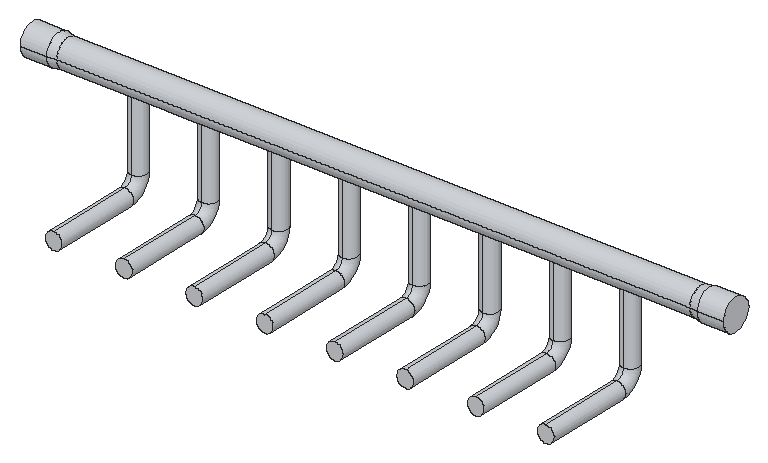
Revit family
Parameters (values of type "69.6kW 이하(8실)")
  URL = "http://www.samsungb12b.co.kr"
  Radius_OutletOD = Radius_Outlet + 0.9 mm  # 5.65 mm
  Radius_Outlet = Diameter_Outlet * 0.5  # 4.75 mm
  Radius_InletOD = Radius_Inlet + 0.9 mm  # 8.85 mm
  Radius_Inlet = Diameter_Inlet * 0.5  # 7.95 mm
  Manufacturer = "SAMSUNG ELECTRONICS CO., LTD."  # constant formula
  Length_W = 60.0 mm
  Length_L = 400.0 mm
  Length_H = 55.6 mm
  EHP-ACC_07 = "AXJ-HA3115*"
  EHP-ACC_06 = "69.6kW 이하 (8실)"
  EHP-ACC_05 = "헤더 분기관 (액관)"
  EHP-ACC_04 = ""
  EHP-ACC_03 = "설치 액세서리"
  EHP-ACC_02 = 1
  EHP-ACC_01 = ""
  Distance_D2 = 40.0 mm
  Distance_D1 = 60.0 mm
  Diameter_Outlet = 9.5 mm
  Diameter_Inlet = 15.9 mm
Types (3, lengths in mm): name | Radius_InletOD | Radius_Inlet | Length_H | EHP-ACC_07 | EHP-ACC_06 | Diameter_Inlet
  (no name) | 8.85 | 7.95 | 55.6 | "AXJ-HA3115*" | "69.6kW 이하 (8실)" | 15.9
  69.6kW 이하(8실) | 8.85 | 7.95 | 55.6 | "AXJ-HA3115*" | "69.6kW 이하 (8실)" | 15.9
  69.6kW 이상 (8실) | 10.45 | 9.55 | 58.8 | "AXJ-HA3819*" | "69.6kW 이상 (8실)" | 19.1
Reference planes
  plane 1 "Center (Front/Back)": y = 0
  plane 2: z = 0
  plane 3 "Center (Left/Right)": x = 0
  plane 4: x = -200
  plane 5: x = 200
  plane 6: y = -60
  plane 7: z = -55.6
  plane 8 "가지관1": x = -140
  plane 9: x = 185.291
  plane 10: x = 180.166
  plane 11: x = -100
  plane 12: x = -60
  plane 13: x = -20
  plane 14: x = 20
  plane 15: x = 60
  plane 16: x = 100
  plane 17: x = 140
  plane 18: x = -185.01
  plane 19: x = -180.059
Forms (mm)
  Sweep 1, solid
    path origin (0, 0, 0) x (1, 0, 0) y (0, 1, 0)
      loop
        line (-200, 0) -> (200, 0)
    profile "Profile_Circle : Profile_Circle_Inlet" origin (0, 0, 0) x (0, 1, 0) y (0, 0, 1)
      loop
        circle (0, 0) r 7.95
  Sweep 2, solid
    path origin (-140, 0, 0) x (0, 1, 0) y (0, 0, 1)
      loop
        line (0, 0) -> (0, -46.1)
        arc (0, -46.1) -> (-2.782, -52.818) -> (-9.5, -55.6) r 9.5
        line (-9.5, -55.6) -> (-60, -55.6)
    profile "Profile_Circle : Profile_Circle_Outlet" origin (-140, 0, -23.05) x (0, 1, 0) y (1, 0, 0)
      loop
        circle (0, 0) r 4.75
  Revolve 3, solid
    sketch origin (0, 0, 0) x (1, 0, 0) y (0, 1, 0)
      loop
        line (200, 0) -> (200, 8.85) -> (185.291, 8.85) -> (180.166, 7.95) -> (180.166, 0) -> (200, 0)
      axis (180.166, 0) -> (200, 0)
    angle from 0 to 360
  Sweep 4, solid
    path origin (-100, 0, 0) x (0, 1, 0) y (0, 0, 1)
      loop
        line (0, 0) -> (0, -46.1)
        arc (0, -46.1) -> (-2.782, -52.818) -> (-9.5, -55.6) r 9.5
        line (-9.5, -55.6) -> (-60, -55.6)
    profile "Profile_Circle : Profile_Circle_Outlet" origin (-100, 0, -23.05) x (0, 1, 0) y (1, 0, 0)
      loop
        circle (0, 0) r 4.75
  Sweep 5, solid
    path origin (-60, 0, 0) x (0, 1, 0) y (0, 0, 1)
      loop
        line (0, 0) -> (0, -46.1)
        arc (0, -46.1) -> (-2.782, -52.818) -> (-9.5, -55.6) r 9.5
        line (-9.5, -55.6) -> (-60, -55.6)
    profile "Profile_Circle : Profile_Circle_Outlet" origin (-60, 0, -23.05) x (0, 1, 0) y (1, 0, 0)
      loop
        circle (0, 0) r 4.75
  Sweep 6, solid
    path origin (-20, 0, 0) x (0, 1, 0) y (0, 0, 1)
      loop
        line (0, 0) -> (0, -46.1)
        arc (0, -46.1) -> (-2.782, -52.818) -> (-9.5, -55.6) r 9.5
        line (-9.5, -55.6) -> (-60, -55.6)
    profile "Profile_Circle : Profile_Circle_Outlet" origin (-20, 0, -23.05) x (0, 1, 0) y (1, 0, 0)
      loop
        circle (0, 0) r 4.75
  Sweep 7, solid
    path origin (20, 0, 0) x (0, 1, 0) y (0, 0, 1)
      loop
        line (0, 0) -> (0, -46.1)
        arc (0, -46.1) -> (-2.782, -52.818) -> (-9.5, -55.6) r 9.5
        line (-9.5, -55.6) -> (-60, -55.6)
    profile "Profile_Circle : Profile_Circle_Outlet" origin (20, 0, -23.05) x (0, 1, 0) y (1, 0, 0)
      loop
        circle (0, 0) r 4.75
  Sweep 8, solid
    path origin (60, 0, 0) x (0, 1, 0) y (0, 0, 1)
      loop
        line (0, 0) -> (0, -46.1)
        arc (0, -46.1) -> (-2.782, -52.818) -> (-9.5, -55.6) r 9.5
        line (-9.5, -55.6) -> (-60, -55.6)
    profile "Profile_Circle : Profile_Circle_Outlet" origin (60, 0, -23.05) x (0, 1, 0) y (1, 0, 0)
      loop
        circle (0, 0) r 4.75
  Sweep 9, solid
    path origin (100, 0, 0) x (0, 1, 0) y (0, 0, 1)
      loop
        line (0, 0) -> (0, -46.1)
        arc (0, -46.1) -> (-2.782, -52.818) -> (-9.5, -55.6) r 9.5
        line (-9.5, -55.6) -> (-60, -55.6)
    profile "Profile_Circle : Profile_Circle_Outlet" origin (100, 0, -23.05) x (0, 1, 0) y (1, 0, 0)
      loop
        circle (0, 0) r 4.75
  Sweep 10, solid
    path origin (140, 0, 0) x (0, 1, 0) y (0, 0, 1)
      loop
        line (0, 0) -> (0, -46.1)
        arc (0, -46.1) -> (-2.782, -52.818) -> (-9.5, -55.6) r 9.5
        line (-9.5, -55.6) -> (-60, -55.6)
    profile "Profile_Circle : Profile_Circle_Outlet" origin (140, 0, -23.05) x (0, 1, 0) y (1, 0, 0)
      loop
        circle (0, 0) r 4.75
  Revolve 11, solid
    sketch origin (0, 0, 0) x (1, 0, 0) y (0, 1, 0)
      loop
        line (-200, 0) -> (-180.059, 0) -> (-180.059, 7.95) -> (-184.854, 8.85) -> (-200, 8.85) -> (-200, 0)
      axis (-200, 0) -> (-180.059, 0)
    angle from 0 to 360
Cuts and joins
  joined: Sweep 1, Sweep 2, Revolve 3, Sweep 4, Sweep 5, Sweep 6, Sweep 7, Sweep 8, Sweep 9, Sweep 10, Revolve 11
Dimensions and locks
  equal spacing: plane 4, plane 3 "Center (Left/Right)", plane 5
  "Length_W": plane 6 to plane 1 "Center (Front/Back)"
  "Length_L": plane 4 to plane 5
  "Length_H": plane 7 to plane 2
  "Length_H": level to plane 7
  "Distance_D1": plane 4 to plane 8 "가지관1"
  "Radius_InletOD": plane 1 "Center (Front/Back)" to Revolve 3 sketch curve
  "Radius_Inlet": plane 1 "Center (Front/Back)" to Revolve 3 sketch curve
  "Radius_InletOD": plane 1 "Center (Front/Back)" to Revolve 11 sketch curve
  "Radius_Inlet": plane 1 "Center (Front/Back)" to Revolve 11 sketch curve
  "Diameter_Outlet": radius of Sweep 2 sketch curve
  "Diameter_Outlet": radius of Sweep 4 sketch curve
  "Diameter_Outlet": radius of Sweep 5 sketch curve
  "Diameter_Outlet": radius of Sweep 6 sketch curve
  "Diameter_Outlet": radius of Sweep 7 sketch curve
  "Diameter_Outlet": radius of Sweep 8 sketch curve
  "Diameter_Outlet": radius of Sweep 9 sketch curve
  "Diameter_Outlet": radius of Sweep 10 sketch curve
  aligned and locked: plane 1 "Center (Front/Back)" to Revolve 3 sketch curve
  aligned and locked: plane 9 to Revolve 3 sketch curve
  aligned and locked: Revolve 3 sketch curve to plane 10
  aligned and locked: plane 5 to Revolve 3 sketch curve
  aligned and locked: Revolve 11 sketch curve to plane 1 "Center (Front/Back)"
  aligned and locked: plane 19 to Revolve 11 sketch curve
Automatic sketch dimensions
  plane 1 "Center (Front/Back)" to Sweep 1 sketch curve = 0.0 mm
  Sweep 1 sketch curve to plane 4 = 0.0 mm
  Sweep 1 sketch curve to plane 5 = 0.0 mm
  Sweep 2 sketch curve to plane 6 = 0.0 mm
  Sweep 2 sketch curve to plane 7 = 0.0 mm
  Sweep 2 sketch curve to plane 1 "Center (Front/Back)" = 0.0 mm
  Sweep 2 sketch curve to level = 0.0 mm
  Revolve 3 sketch curve to plane 5 = 0.0 mm
  plane 1 "Center (Front/Back)" to Revolve 3 sketch curve = 0.0 mm
  plane 17 to Revolve 3 sketch curve = 8.004 mm
  Sweep 4 sketch curve to plane 6 = 0.0 mm
  Sweep 4 sketch curve to plane 7 = 0.0 mm
  Sweep 4 sketch curve to plane 1 "Center (Front/Back)" = 0.0 mm
  Sweep 4 sketch curve to level = 0.0 mm
  Sweep 5 sketch curve to plane 6 = 0.0 mm
  Sweep 5 sketch curve to plane 7 = 0.0 mm
  Sweep 5 sketch curve to plane 1 "Center (Front/Back)" = 0.0 mm
  Sweep 5 sketch curve to level = 0.0 mm
  Sweep 6 sketch curve to plane 6 = 0.0 mm
  Sweep 6 sketch curve to plane 7 = 0.0 mm
  Sweep 6 sketch curve to plane 1 "Center (Front/Back)" = 0.0 mm
  Sweep 6 sketch curve to level = 0.0 mm
  Sweep 7 sketch curve to plane 6 = 0.0 mm
  Sweep 7 sketch curve to plane 7 = 0.0 mm
  Sweep 7 sketch curve to plane 1 "Center (Front/Back)" = 0.0 mm
  Sweep 7 sketch curve to level = 0.0 mm
  Sweep 8 sketch curve to plane 6 = 0.0 mm
  Sweep 8 sketch curve to plane 7 = 0.0 mm
  Sweep 8 sketch curve to plane 1 "Center (Front/Back)" = 0.0 mm
  Sweep 8 sketch curve to level = 0.0 mm
  Sweep 9 sketch curve to plane 6 = 0.0 mm
  Sweep 9 sketch curve to plane 7 = 0.0 mm
  Sweep 9 sketch curve to plane 1 "Center (Front/Back)" = 0.0 mm
  Sweep 9 sketch curve to level = 0.0 mm
  Sweep 10 sketch curve to plane 6 = 0.0 mm
  Sweep 10 sketch curve to plane 7 = 0.0 mm
  Sweep 10 sketch curve to plane 1 "Center (Front/Back)" = 0.0 mm
  Sweep 10 sketch curve to level = 0.0 mm
  Revolve 11 sketch curve to plane 4 = 0.0 mm  (x2)
  plane 1 "Center (Front/Back)" to Revolve 11 sketch curve = 0.0 mm
  Revolve 11 sketch curve to plane 8 "가지관1" = 0.0 mm
  plane 18 to Revolve 11 sketch curve = 0.156 mm
Connectors
  piping at (-200, 0, 0), driven by "Radius_Inlet"
    settings: on cut or joined group 1 (Sweep 1, Sweep 2, Revolve 3, Sweep 4, Sweep 5, Sweep 6, Sweep 7, Sweep 8, Sweep 9, Sweep 10, Revolve 11), index 1
  piping at (200, 0, 0), driven by "Radius_Inlet"
    settings: on cut or joined group 1, index 2
  piping at (-140, -60, -55.6), driven by "Radius_Outlet"
    settings: on cut or joined group 1, index 3
  piping at (-100, -60, -55.6), driven by "Radius_Outlet"
    settings: on cut or joined group 1, index 4
  piping at (-60, -60, -55.6), driven by "Radius_Outlet"
    settings: on cut or joined group 1, index 5
  piping at (-20, -60, -55.6), driven by "Radius_Outlet"
    settings: on cut or joined group 1, index 6
  piping at (20, -60, -55.6), driven by "Radius_Outlet"
    settings: on cut or joined group 1, index 7
  piping at (60, -60, -55.6), driven by "Radius_Outlet"
    settings: on cut or joined group 1, index 8
  piping at (100, -60, -55.6), driven by "Radius_Outlet"
    settings: on cut or joined group 1, index 9
  piping at (140, -60, -55.6), driven by "Radius_Outlet"
    settings: on cut or joined group 1, index 10
